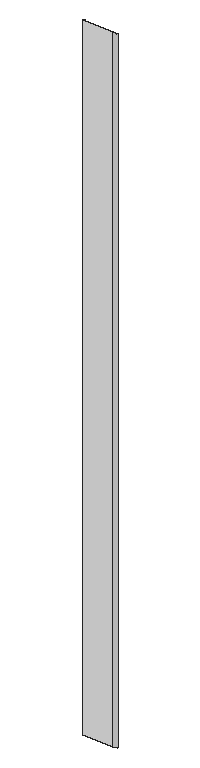
Revit family "Rectangular", category 난간동자, Revit 2026
Family settings
  항상 수직 = 예
  로드될 때 보이드를 사용하여 절단 = 아니오
  공유 = 아니오
Parameters (values of type "8 x 35mm")
  built-in parameter 1008623 [instance] = 32.47°
  Thickness = 8 mm
  built-in parameter 1008625 [instance] = (empty or 0)
  Post = no
  built-in parameter 1008624 [instance] = 32.47°
  Width = 35 mm
  Material Baluster = Metal - Steel
  built-in parameter 1008622 [instance] = 750 mm
Types (6, lengths in mm): name | Thickness | Width | Material Baluster
  (no name) | 8 | 35 | Metal - Steel
  20 x 50mm | 20 | 50 | none
  10 x 60mm | 10 | 60 | none
  6 x 45mm | 6 | 45 | none
  8 x 50mm | 8 | 50 | none
  8 x 35mm | 8 | 35 | Metal - Steel
Reference planes
  plane 1 "Center (Front/Back)": y = 0
  plane 2: z = 0
  plane 3 "Center (Left/Right)": x = 0
  plane 4 "Top": z = 750
  plane 5 "Top Angle Cut": through (0, 339.699, 533.838) normal (0, -0.5369, -0.8437)
  plane 6: z = 850
  plane 7: x = -35
  plane 8: x = 35
  plane 9: y = 8
  plane 10: y = -8
  plane 11 "Bottom Angle Cut": through (0, 0, 0) normal (0, -0.5369, -0.8437)
  plane 12: z = -100
Forms (mm)
  Extrusion 1, solid, material "Metal - Steel" <- "Material Baluster"
    sketch origin (0, 0, 0) x (1, 0, 0) y (0, 1, 0)
      loop
        line (-17.5, 4) -> (-17.5, -4) -> (17.5, -4) -> (17.5, 4) -> (-17.5, 4)
    from -100 to 850
  Extrusion 2, void
    sketch origin (0, 0, 0) x (0, 1, 0) y (0, 0, 1)
      loop
        line (-8, 850) -> (-8, 755.091) -> (8, 744.909) -> (8, 850) -> (-8, 850)
      loop
        line (-8, -100) -> (8, -100) -> (8, -5.091) -> (-8, 5.091) -> (-8, -100)
    from -35 to 35
Cuts and joins
  Extrusion 2 cuts Extrusion 1
Dimensions and locks
  "built-in parameter 1008622": plane 2 to plane 4 "Top"
  locked: plane 4 "Top" to plane 6 at 100
  equal spacing: Extrusion 1 sketch curve, plane 3 "Center (Left/Right)", Extrusion 1 sketch curve
  equal spacing: Extrusion 1 sketch curve, plane 1 "Center (Front/Back)", Extrusion 1 sketch curve
  "Width": Extrusion 1 sketch curve to Extrusion 1 sketch curve
  "Thickness": Extrusion 1 sketch curve to Extrusion 1 sketch curve
  "Width": plane 7 to plane 3 "Center (Left/Right)"
  "Width": plane 3 "Center (Left/Right)" to plane 8
  "Thickness": plane 10 to plane 1 "Center (Front/Back)"
  "Thickness": plane 1 "Center (Front/Back)" to plane 9
  locked: level to plane 12 at 100
  "built-in parameter 1008623": angle plane 4 "Top" to plane 5 "Top Angle Cut"
  "built-in parameter 1008624": angle level to plane 11 "Bottom Angle Cut"
  aligned and locked: Extrusion 1 to plane 6
  aligned and locked: Extrusion 2 to plane 7
  aligned and locked: plane 8 to Extrusion 2
  aligned and locked: plane 6 to Extrusion 2 sketch curve
  aligned and locked: plane 9 to Extrusion 2 sketch curve
  aligned and locked: plane 10 to Extrusion 2 sketch curve  (x2)
  aligned and locked: Extrusion 2 sketch curve to plane 5 "Top Angle Cut"
  aligned and locked: plane 12 to Extrusion 1
  aligned and locked: plane 12 to Extrusion 2 sketch curve
  aligned and locked: Extrusion 2 sketch curve to plane 9
  aligned and locked: Extrusion 2 sketch curve to plane 11 "Bottom Angle Cut"
